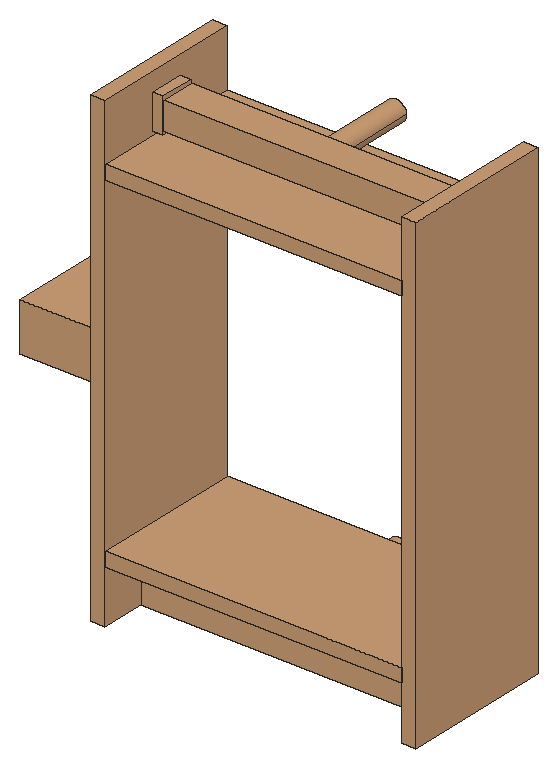
Revit family
Parameters
  Center Of Unit = 0' - 0"  # constant formula
  Water Pressure Drop [instance] = 0.00 psi
  Water Flow [instance] = 0 GPM
  Unit Weight (lbs) = 440
  URL = "http://www.ljwing.com/"
  Water Outlet Radius = 0' - 1 1/2"
  Water Outlet Odd sizes = 0' - 0"
  Total Heating Capacity [instance] = 0.0 Btu/h
  Temperature Rise [instance] = 0 °F
  Series = "VIFB"
  Outlet Area = 14.30 SF
  Number of Rows = 1  # constant formula
  Number of Coils [instance] = 0
  Nominal Length = 3' - 10 7/8"
  Model = "VC-4"
  Manufacturer = "LJ Wing"
  Leaving Water Temperature [instance] = 0 °F
  Leaving Air Temperature [instance] = 0 °F
  Face Velocity (FPM) [instance] = 0
  Entering Water Temperature [instance] = 0 °F
  Entering Air Temperature [instance] = 0 °F
  Description = "Vertical Integral Face & Bypass Water Heating Coils"
  Hot Water Odd Sizes = 0' - 0"
  Hot Water Inlet Offset = 0' - 4 3/8"  # constant formula
  Hot Water Inlet  Radius = 0' - 1 1/2"
  Coil Face Area = Outlet Area * 0.56  # 8.008 SF
  Casing Material = ""
  Assembly Code = "D3020300"
  Air Pressure Drop [instance] = 0.00 in-wg
  Air Inlet Width = Nominal Length - 0' 4"  # 3' - 6 7/8"
  Air Inlet Height = Y  # 4' - 0"
  Air Flow [instance] = 0 CFM
  Z = 0' - 3 3/4"
  Y = 4' - 0"
  S = 0' - 9 3/4"
  Product URL = "http://www.ljwing.com/html/vifb.asp"
  OmniClass = "23-75 70 21 14"
  Nominal Height = 5' - 8"
  Nominal Depth = 1' - 10"
  R = 0' - 10 1/4"
  Q = 0' - 5 7/16"
  P = 0' - 5 1/8"
  L = 0' - 5 15/16"
Reference planes (in)
  plane 1 "Center (Front/Back)": y = 0
  plane 2: z = -24
  plane 3 "Center (Left/Right)": x = 0
  plane 4: z = 34.25
  plane 5: x = -23.4375
  plane 6: x = 23.4375
  plane 7: z = -33.75
  plane 8: z = 0
  plane 9: y = -11
  plane 10: y = 11
  plane 11: z = 24
  plane 12: z = 26
  plane 13: z = -26
  plane 14: x = 21.4375
  plane 15: x = -21.4375
  plane 16: z = 29.125
  plane 17: z = -27.8125
  plane 18: x = -18
  plane 19: x = 18
  plane 20: y = 14.75
  plane 21: y = 15.375
  plane 22: x = -34.4375
  plane 23: x = 0
  plane 24: x = 0
  plane 25: z = 31.125
  plane 26: z = 27.125
  plane 27: y = -2.5
  plane 28: y = 2.5
  plane 29: y = -4.5
Forms (in)
  Extrusion 1, solid, material "Painted Finish"
    sketch origin (0, 6, -9.75) x (1, 0, 0) y (0, 0, 1)
      loop
        line (-23.4375, -24) -> (-21.4375, -24) -> (-21.4375, 44) -> (-23.4375, 44) -> (-23.4375, -24)
      loop
        line (23.4375, -24) -> (23.4375, 44) -> (21.4375, 44) -> (21.4375, -24) -> (23.4375, -24)
    from -5 to 17
  Extrusion 2, solid, material "Painted Finish"
    sketch origin (0, 6, 0) x (1, 0, 0) y (0, 0, 1)
      loop
        line (21.4375, -24) -> (-21.4375, -24) -> (-21.4375, -26) -> (21.4375, -26) -> (21.4375, -24)
      loop
        line (21.4375, 24) -> (21.4375, 26) -> (-21.4375, 26) -> (-21.4375, 24) -> (21.4375, 24)
    from -5 to 17
  Extrusion 3, solid, material "Painted Finish"
    sketch origin (0, 10, -0.5) x (1, 0, 0) y (0, 0, 1)
      loop
        line (-23.4375, 4) -> (-34.4375, 4) -> (-34.4375, -3) -> (-23.4375, -3) -> (-23.4375, 4)
    from 0 to 20
  Extrusion 4, solid, material "Painted Finish"
    sketch origin (0, 6, 0) x (1, 0, 0) y (0, 0, 1)
      loop
        line (-19.8125, 31.125) -> (-19.8125, 27.125) -> (19.8125, 27.125) -> (19.8125, 31.125) -> (-19.8125, 31.125)
    from 3.5 to 8.5
  Extrusion 5, solid, material "Painted Finish"
    sketch origin (0, 0, 0) x (1, 0, 0) y (0, 0, 1)
      loop
        line (-19.8125, 26.625) -> (-19.8125, 31.625) -> (-21.4375, 31.625) -> (-21.4375, 26.625) -> (-19.8125, 26.625)
      loop
        line (21.4375, 26.625) -> (21.4375, 31.625) -> (19.8125, 31.625) -> (19.8125, 26.625) -> (21.4375, 26.625)
    from -2.5 to 2.5
  Extrusion 6, solid, material "Painted Finish"
    sketch origin (0, 23, 0) x (1, 0, 0) y (0, 0, 1)
      loop
        circle (0, 29.125) r 1.5
    from 8.25 to 20.5
  Extrusion 7, solid, material "Painted Finish"
    sketch origin (0, 6, 0) x (1, 0, 0) y (0, 0, 1)
      loop
        line (-21.4375, -26) -> (-21.4375, -33.75) -> (21.4375, -33.75) -> (21.4375, -26) -> (-21.4375, -26)
    from -5 to 10.5
  Extrusion 8, solid, material "Painted Finish"
    sketch origin (0, 23, 0) x (1, 0, 0) y (0, 0, 1)
      loop
        circle (0, -27.8125) r 1.5
    from 7.625 to 12
  Extrusion 9, void
    sketch origin (0, 0, 0) x (1, 0, 0) y (0, 0, 1)
      loop
        line (-21.4375, 24) -> (-21.4375, -24) -> (21.4375, -24) -> (21.4375, 24) -> (-21.4375, 24)
    from -11 to 11
Cuts and joins
  Extrusion 9 cuts Extrusion 1
  Extrusion 9 cuts Extrusion 2
Dimensions and locks (in)
  "Nominal Length": plane 6 to plane 5
  equal spacing: plane 6, plane 3 "Center (Left/Right)", plane 5
  "S": plane 2 to plane 7
  "Nominal Depth": plane 10 to plane 9
  equal spacing: plane 10, plane 1 "Center (Front/Back)", plane 9
  "Y": plane 11 to plane 2
  "R": plane 4 to plane 11
  locked: plane 12 to plane 11 at 2
  locked: plane 2 to plane 13 at 2
  "P": plane 4 to plane 16
  "L": plane 17 to plane 7
  "Q": plane 18 to plane 5
  "Q": plane 6 to plane 19
  "Z": plane 20 to plane 10
  "Hot Water Inlet Offset": plane 21 to plane 10
  locked: plane 5 to plane 22 at 11
  locked: Extrusion 3 sketch curve to Extrusion 3 sketch curve at 7
  locked: Extrusion 3 to Extrusion 3 at 20
  locked: plane 6 to plane 14 at 2
  locked: plane 15 to plane 5 at 2
  "Water Outlet Odd sizes": plane 23 to plane 3 "Center (Left/Right)"
  "Hot Water Odd Sizes": plane 3 "Center (Left/Right)" to plane 24
  equal spacing: plane 25, plane 16, plane 26
  locked: Extrusion 5 sketch curve to plane 25 at 0.5
  locked: plane 26 to Extrusion 5 sketch curve at 0.5
  locked: Extrusion 6 sketch curve to plane 16 at 0
  locked: Extrusion 6 sketch curve to plane 23 at 0
  locked: Extrusion 8 sketch curve to plane 17 at 0
  locked: Extrusion 8 sketch curve to plane 24 at 0
  locked: plane 25 to plane 26 at 4
  locked: plane 28 to plane 27 at 5
  equal spacing: plane 28, plane 1 "Center (Front/Back)", plane 27
  locked: plane 27 to plane 29 at 2
  plane 4 to plane 7 = 5' - 8"
  locked: Extrusion 5 sketch curve to Extrusion 1 at 1.625
  locked: Extrusion 5 sketch curve to Extrusion 5 sketch curve at 1.625
  locked: Extrusion 9 sketch curve to plane 11 at 0
  locked: Extrusion 9 sketch curve to plane 15 at 0
  locked: Extrusion 9 sketch curve to plane 14 at 0
  locked: Extrusion 9 sketch curve to plane 2 at 0
  equal spacing: plane 11, plane 8, plane 2
  "Water Outlet Radius": radius of Extrusion 6 sketch curve
  "Hot Water Inlet  Radius": radius of Extrusion 8 sketch curve
  aligned and locked: Extrusion 1 to plane 9
  aligned and locked: Extrusion 1 to plane 10
  aligned and locked: plane 15 to Extrusion 1
  aligned and locked: Extrusion 1 to plane 14
  aligned and locked: Extrusion 2 to plane 9
  aligned and locked: plane 9 to Extrusion 1
  aligned and locked: plane 10 to Extrusion 1  (x2)
  aligned and locked: Extrusion 2 to plane 10
  aligned and locked: plane 10 to Extrusion 2  (x2)
  aligned and locked: plane 9 to Extrusion 2  (x2)
  aligned and locked: plane 5 to Extrusion 3
  aligned and locked: Extrusion 5 sketch curve to plane 15
  aligned and locked: Extrusion 5 sketch curve to Extrusion 4
  aligned and locked: Extrusion 6 to plane 20
  aligned and locked: Extrusion 1 to Extrusion 7
  aligned and locked: Extrusion 8 to plane 10
  aligned and locked: plane 21 to Extrusion 8
  aligned and locked: plane 27 to Extrusion 5
  aligned and locked: Extrusion 5 to Extrusion 4  (x2)
  aligned and locked: Extrusion 5 to plane 28
  aligned and locked: Extrusion 6 to Extrusion 4
  aligned and locked: Extrusion 7 to plane 29  (x2)
  aligned and locked: Extrusion 8 to Extrusion 7
  aligned and locked: Extrusion 4 to Extrusion 5  (x2)
  aligned and locked: Extrusion 5 to Extrusion 1  (x2)
  aligned and locked: plane 2 to Extrusion 2
  aligned and locked: plane 6 to Extrusion 1 sketch curve
  aligned and locked: plane 14 to Extrusion 1 sketch curve
  aligned and locked: Extrusion 1 sketch curve to plane 15
  aligned and locked: Extrusion 1 sketch curve to plane 5
  aligned and locked: plane 7 to Extrusion 1 sketch curve  (x2)
  aligned and locked: Extrusion 1 sketch curve to plane 4  (x2)
  aligned and locked: Extrusion 2 sketch curve to plane 11
  aligned and locked: Extrusion 2 sketch curve to plane 12
  aligned and locked: Extrusion 2 sketch curve to plane 14  (x2)
  aligned and locked: Extrusion 2 sketch curve to plane 15  (x2)
  aligned and locked: Extrusion 2 sketch curve to plane 13
  aligned and locked: plane 2 to Extrusion 2 sketch curve
  aligned and locked: plane 13 to Extrusion 7 sketch curve
  aligned and locked: Extrusion 7 sketch curve to plane 7
  aligned and locked: Extrusion 7 sketch curve to plane 14
  aligned and locked: plane 15 to Extrusion 7 sketch curve
  aligned and locked: cut or joined group of Extrusion 1, Extrusion 9 to plane 10
  aligned and locked: Extrusion 8 to plane 21
Automatic sketch dimensions
  Extrusion 3 sketch curve to plane 22 = 0' - 0"
  Extrusion 3 sketch curve to plane 5 = 0' - 0"
  plane 8 to Extrusion 3 sketch curve = 0' - 3 1/2"
  Extrusion 4 sketch curve to plane 25 = 0' - 0"
  Extrusion 4 sketch curve to plane 26 = 0' - 0"
  Extrusion 4 sketch curve to plane 18 = 0' - 1 13/16"
  plane 19 to Extrusion 4 sketch curve = 0' - 1 13/16"
  plane 26 to Extrusion 5 sketch curve = 0' - 0 1/2"
  Extrusion 5 sketch curve to plane 25 = 0' - 0 1/2"
Connectors (in)
  hvac at (0, -11, 0), driven by "Air Inlet Height", driven by "Air Inlet Width", driven by "Air Flow", driven by "Air Pressure Drop"
    settings: on Extrusion 9, index 1
  hvac at (0, 11, 0), driven by "Air Pressure Drop", driven by "Air Inlet Height", driven by "Air Inlet Width", driven by "Air Flow"
    settings: on Extrusion 9, index 2
  piping at (0, 14.75, 29.125), driven by "Water Flow", driven by "Water Outlet Radius", driven by "Water Pressure Drop"
    settings: on Extrusion 6, index 3
  piping at (0, 15.375, -27.8125), driven by "Water Flow", driven by "Water Pressure Drop", driven by "Hot Water Inlet  Radius"
    settings: on Extrusion 8, index 4
